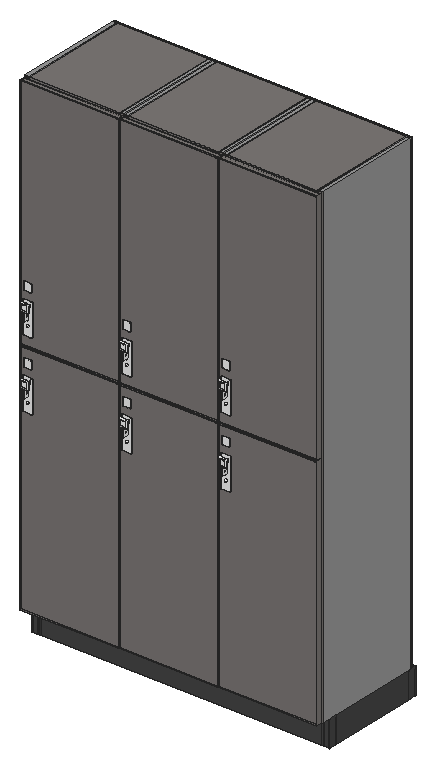
Revit family "Wood_Lockers_Hasps-Salsbury_Industries-15_42000_Series-3_Wide_Units.rfa", category Specialty Equipment, Revit 2016 (continued)
Definition of nested family "Premier Locker Doors_Hasp"
  Lines and regions (in)
    symbolic lines
      curve 35: arc (-7.0625, -1.125, 33.5625) -> (-7.02589, -1.125, 33.47411) -> (-6.9375, -1.125, 33.4375) r 0.125
      curve 36: line (-5.6875, -1.125, 33.4375) -> (-6.9375, -1.125, 33.4375)
      curve 37: arc (-6.1245, -1.125, 36.6245) -> (-6.3125, -1.125, 36.8125) -> (-6.5005, -1.125, 36.6245) r 0.188
      curve 38: arc (-6.5005, -1.125, 35.7505) -> (-6.3125, -1.125, 35.5625) -> (-6.1245, -1.125, 35.7505) r 0.188
      curve 39: line (-6.1245, -1.125, 36.6245) -> (-6.1245, -1.125, 35.7505)
      curve 40: line (-6.5005, -1.125, 35.7505) -> (-6.5005, -1.125, 36.6245)
      curve 41: line (-5.6875, -1.125, 36.9375) -> (-6.9375, -1.125, 36.9375)
      curve 42: line (-5.6875, -1.125, 38.1875) -> (-5.6875, -1.125, 36.9375)
      curve 43: line (-6.9375, -1.125, 36.9375) -> (-6.9375, -1.125, 38.1875)
      curve 44: line (-6.9375, -1.125, 38.1875) -> (-5.6875, -1.125, 38.1875)
      curve 45: line (-6.3755, -1.125, 36.6844) -> (-6.2495, -1.125, 36.6844)
      curve 46: line (-6.2495, -1.125, 36.6844) -> (-6.2495, -1.125, 35.6844)
      curve 47: line (-6.3755, -1.125, 35.6844) -> (-6.3755, -1.125, 36.6844)
      curve 48: line (-6.2495, -1.125, 35.6844) -> (-6.3755, -1.125, 35.6844)
      curve 49: line (-6.3125, -1, 36.6844) -> (-6.3125, -0.375, 36.6844)
      curve 50: line (-6.3125, -1, 35.6844) -> (-6.3125, -1, 36.6844)
      curve 51: line (-6.3125, -0.375, 35.6844) -> (-6.3125, -1, 35.6844)
      curve 52: arc (-6.3125, -0.91637, 36.1844) -> (-6.3125, -0.66637, 36.4344) -> (-6.3125, -0.41637, 36.1844) r 0.25
      curve 53: arc (-6.3125, -0.41637, 36.1844) -> (-6.3125, -0.66637, 35.9344) -> (-6.3125, -0.91637, 36.1844) r 0.25
      curve 54: line (-6.3125, -0.375, 37.31817) -> (-6.3125, -0.61642, 37.31817)
      curve 55: arc (-6.3125, -0.77297, 37.19215) -> (-6.3125, -0.71691, 37.28275) -> (-6.3125, -0.61642, 37.31817) r 0.16024
      curve 56: arc (-6.3125, -0.97289, 36.9375) -> (-6.3125, -0.84441, 37.04244) -> (-6.3125, -0.77297, 37.19215) r 0.37946
      curve 57: spline (-6.3125, -1.121, 37.15954) -> (-6.3125, -1.11621, 37.12873) -> (-6.3125, -1.10963, 37.09911) -> (-6.3125, -1.10135, 37.07107) -> (-6.3125, -1.09147, 37.04495) -> (-6.3125, -1.0801, 37.02108) -> (-6.3125, -1.0674, 36.99975) -> (-6.3125, -1.05352, 36.98123) -> (-6.3125, -1.03864, 36.96575) -> (-6.3125, -1.02293, 36.95351) -> (-6.3125, -1.0066, 36.94465) -> (-6.3125, -0.98985, 36.93929) -> (-6.3125, -0.97289, 36.9375)
      curve 58: line (-6.3125, -1.125, 37.15954) -> (-6.3125, -1.125, 37.96546)
      curve 59: spline (-6.3125, -1.121, 37.96546) -> (-6.3125, -1.11621, 37.99627) -> (-6.3125, -1.10963, 38.02589) -> (-6.3125, -1.10135, 38.05393) -> (-6.3125, -1.09147, 38.08005) -> (-6.3125, -1.0801, 38.10392) -> (-6.3125, -1.0674, 38.12525) -> (-6.3125, -1.05352, 38.14377) -> (-6.3125, -1.03864, 38.15925) -> (-6.3125, -1.02293, 38.17149) -> (-6.3125, -1.0066, 38.18035) -> (-6.3125, -0.98985, 38.18571) -> (-6.3125, -0.97289, 38.1875)
      curve 60: arc (-6.3125, -0.97289, 38.1875) -> (-6.3125, -0.84441, 38.08256) -> (-6.3125, -0.77297, 37.93285) r 0.37946
      curve 61: arc (-6.3125, -0.77297, 37.93285) -> (-6.3125, -0.71691, 37.84225) -> (-6.3125, -0.61642, 37.80683) r 0.16024
      curve 62: line (-6.3125, -0.61642, 37.80683) -> (-6.3125, -0.375, 37.80683)
      curve 63: line (-6.55683, -0.61642, 71.625) -> (-6.55683, -0.375, 71.625)
      curve 64: arc (-6.68285, -0.77297, 71.625) -> (-6.59225, -0.71691, 71.625) -> (-6.55683, -0.61642, 71.625) r 0.16024
      curve 65: arc (-6.9375, -0.97289, 71.625) -> (-6.83256, -0.84441, 71.625) -> (-6.68285, -0.77297, 71.625) r 0.37946
      curve 66: line (-5.90954, -1.125, 71.625) -> (-6.71546, -1.125, 71.625)
      curve 67: spline (-5.90954, -1.121, 71.625) -> (-5.87873, -1.11621, 71.625) -> (-5.84911, -1.10963, 71.625) -> (-5.82107, -1.10135, 71.625) -> (-5.79495, -1.09147, 71.625) -> (-5.77108, -1.0801, 71.625) -> (-5.74975, -1.0674, 71.625) -> (-5.73123, -1.05352, 71.625) -> (-5.71575, -1.03864, 71.625) -> (-5.70351, -1.02293, 71.625) -> (-5.69465, -1.0066, 71.625) -> (-5.68929, -0.98985, 71.625) -> (-5.6875, -0.97289, 71.625)
      curve 68: arc (-5.6875, -0.97289, 71.625) -> (-5.79244, -0.84441, 71.625) -> (-5.94215, -0.77297, 71.625) r 0.37946
      curve 69: arc (-5.94215, -0.77297, 71.625) -> (-6.03275, -0.71691, 71.625) -> (-6.06817, -0.61642, 71.625) r 0.16024
      curve 70: line (-6.06817, -0.375, 71.625) -> (-6.06817, -0.61642, 71.625)
      curve 71: spline (-6.71546, -1.121, 71.625) -> (-6.74627, -1.11621, 71.625) -> (-6.77589, -1.10963, 71.625) -> (-6.80393, -1.10135, 71.625) -> (-6.83005, -1.09147, 71.625) -> (-6.85392, -1.0801, 71.625) -> (-6.87525, -1.0674, 71.625) -> (-6.89377, -1.05352, 71.625) -> (-6.90925, -1.03864, 71.625) -> (-6.92149, -1.02293, 71.625) -> (-6.93035, -1.0066, 71.625) -> (-6.93571, -0.98985, 71.625) -> (-6.9375, -0.97289, 71.625)
    reference lines
      curve 72: line (-7.4375, 0, 71.75) -> (6.8435, 0, 71.75)
      curve 73: line (6.8435, 0, 71.75) -> (-7.4375, 0, 71.75)
  Dimensions and locks (in)
    equal spacing: plane 4 "Left Side of Door", plane 3 "Center (Left/Right)", plane 5 "Right Side of Door"
    "Width": plane 4 "Left Side of Door" to plane 5 "Right Side of Door"
    equal spacing: plane 7 "Front of Door", plane 1 "Center (Front/Back)", plane 6 "Back of Door"
    "Depth": plane 7 "Front of Door" to plane 6 "Back of Door"
    equal spacing: plane 9 "Top of Door", plane 10 "Center of Door", plane 8 "Bottom of Door"
    "Height": plane 9 "Top of Door" to plane 8 "Bottom of Door"
    equal spacing: plane 11 "Top of Number Tag", plane 16 "Center of Number Tag", plane 12 "Bottom of Number Tag"
    "Number Tag Height": plane 11 "Top of Number Tag" to plane 12 "Bottom of Number Tag"
    equal spacing: plane 14 "Right Side of Number Tag", plane 15 "Horizontal Center of Number Tag", plane 13 "Left Side of Number Tag"
    "Number Tag Width": plane 14 "Right Side of Number Tag" to plane 13 "Left Side of Number Tag"
    "Number Tag-Horizontal Offset": plane 15 "Horizontal Center of Number Tag" to plane 5 "Right Side of Door"
    "Number Tag-Vertical Offset": plane 9 "Top of Door" to plane 16 "Center of Number Tag"
    "Lock Horizontal Offset": plane 4 "Left Side of Door" to plane 17 "Left Side of Lock"
    equal spacing: plane 20 "Top of Lock", plane 19 "Lock Vertical Center", plane 21 "Bottom of Lock"
    "Lock Height": plane 20 "Top of Lock" to plane 21 "Bottom of Lock"
    "Lock Vertical Offset": plane 9 "Top of Door" to plane 19 "Lock Vertical Center"
    plane 22 "Front of Hasp Stud" to plane 7 "Front of Door" = 0.125"
    locked: plane 24 "Right Side of Door-Left Side of Trim" to plane 5 "Right Side of Door" at 0.125
    locked: plane 4 "Left Side of Door" to plane 23 "Left Side of Door-Right Side of Trim" at 0.125
    locked: plane 9 "Top of Door" to plane 25 "Top of Door-Bottom of Trim" at 0.125
    plane 26 "Bottom of Door-Top of Trim" to plane 8 "Bottom of Door" = 0.125"
    plane 28 "Melamine-Particleboard Line" to plane 6 "Back of Door" = 0.031"
    plane 7 "Front of Door" to plane 27 "Laminate-Particleboard Line" = 0.031"
    plane 27 "Laminate-Particleboard Line" to plane 29 "Back of Number Plate Inset" = 0.031"
    equal spacing: plane 18 "Right Side of Lock", plane 30 "Center of Lock", plane 17 "Left Side of Lock", locked at 0.75 each
    "Lock Width": plane 18 "Right Side of Lock" to plane 17 "Left Side of Lock"
    plane 22 "Front of Hasp Stud" to plane 31 = 0.312"
    plane 6 "Back of Door" to plane 32 "Door Stopper Plane" = 0.250"
    locked: plane 23 "Left Side of Door-Right Side of Trim" to plane 33 at 0.325
    locked: plane 25 "Top of Door-Bottom of Trim" to plane 34 at 0.325
    locked: plane 9 "Top of Door" to plane 35 "Top Hinge" at 3
    plane 36 to plane 5 "Right Side of Door" = 0.625"
    plane 6 "Back of Door" to plane 28 "Melamine-Particleboard Line" = 0.031"
    plane 9 "Top of Door" to plane 25 "Top of Door-Bottom of Trim" = 0.125"
    plane 7 "Front of Door" to plane 38 "Inner Knob" = 0.719"
    locked: plane 38 "Inner Knob" to plane 39 "Front of Knob" at 0.031
    locked: plane 40 to plane 20 "Top of Lock" at 1.125
    locked: plane 21 "Bottom of Lock" to plane 41 at 1.125
    locked: plane 20 "Top of Lock" to plane 42 at 0.125
    locked: plane 18 "Right Side of Lock" to plane 43 at 0.125
    locked: plane 44 to plane 17 "Left Side of Lock" at 0.125
    plane 42 to plane 45 = 1.250"
    locked: plane 45 to plane 46 "Top of Hole" at 0.125
    plane 48 to plane 30 "Center of Lock" to plane 47 = 0.188" locked, 0.188" locked
    locked: plane 46 "Top of Hole" to plane 49 "Bottom of Hole" at 1.25
    plane 49 "Bottom of Hole" to plane 50 "Stud Alignment" = 0.750"
    locked: plane 42 to plane 51 "Center of Handle" at 0.625
    plane 52 to plane 51 "Center of Handle" to plane 53 = 0.188" locked, 0.188" locked
    plane 7 "Front of Door" to plane 39 "Front of Knob" = 0.750"
    locked: plane 42 to plane 54 at 0.22204
    locked: plane 55 to plane 45 at 0.22204
    locked: plane 7 "Front of Door" to plane 56 "Front of Latch" at 0.625
    locked: plane 57 to plane 58 at 1
    locked: plane 46 "Top of Hole" to plane 57 at 0.1281
    equal spacing: plane 58, plane 59, plane 57
    locked: plane 60 to plane 5 "Right Side of Door" at 0.594
    locked: plane 57 to plane 61 at 0.0599
    locked: plane 62 to plane 58 at 0.06376
    plane 12 "Bottom of Number Tag" to plane 20 "Top of Lock" = 1.1875"
    aligned and locked: level to plane 2
    aligned and locked: Extrusion 5 to plane 11 "Top of Number Tag"
    aligned and locked: plane 12 "Bottom of Number Tag" to Extrusion 5
    aligned and locked: Extrusion 5 to plane 14 "Right Side of Number Tag"
    aligned and locked: Extrusion 5 to plane 13 "Left Side of Number Tag"
    aligned and locked: plane 29 "Back of Number Plate Inset" to Extrusion 5
    aligned and locked: plane 7 "Front of Door" to Extrusion 5
    aligned and locked: plane 29 "Back of Number Plate Inset" to Extrusion 6
    aligned and locked: plane 7 "Front of Door" to Extrusion 6
    aligned and locked: Extrusion 6 to plane 14 "Right Side of Number Tag"
    aligned and locked: Extrusion 6 to plane 13 "Left Side of Number Tag"
    aligned and locked: Extrusion 6 to plane 11 "Top of Number Tag"
    aligned and locked: plane 12 "Bottom of Number Tag" to Extrusion 6
    aligned and locked: curve 9 to Extrusion 8
    aligned and locked: curve 10 to Extrusion 8
    aligned and locked: curve 11 to Extrusion 8
    aligned and locked: Extrusion 7 to curve 12
    aligned and locked: curve 14 to Extrusion 7
    aligned and locked: curve 16 to plane 7 "Front of Door"
    aligned and locked: curve 19 to Extrusion 8  (x2)
    aligned and locked: curve 21 to Extrusion 8
    aligned and locked: curve 18 to curve 22
    aligned and locked: curve 22 to Extrusion 9  (x2)
    aligned and locked: curve 24 to Extrusion 9
    aligned and locked: curve 25 to Extrusion 10
    aligned and locked: curve 26 to Extrusion 10
    aligned and locked: curve 27 to Extrusion 10
    aligned and locked: plane 20 "Top of Lock" to Extrusion 11 sketch curve
    aligned and locked: Extrusion 11 sketch curve to plane 21 "Bottom of Lock"
    aligned and locked: Extrusion 11 to plane 29 "Back of Number Plate Inset"
    aligned and locked: plane 7 "Front of Door" to Extrusion 11
    aligned and locked: Extrusion 3 to Extrusion 11
    aligned and locked: Sweep 14 to plane 50 "Stud Alignment"  (x2)
    aligned and locked: Extrusion 15 to plane 7 "Front of Door"
    aligned and locked: Extrusion 15 to plane 22 "Front of Hasp Stud"
    aligned and locked: Extrusion 15 to plane 50 "Stud Alignment"
    aligned and locked: Blend 17 to plane 39 "Front of Knob"
    aligned and locked: plane 38 "Inner Knob" to Blend 17
    aligned and locked: plane 6 "Back of Door" to Extrusion 18 sketch curve
    aligned and locked: plane 56 "Front of Latch" to Extrusion 18 sketch curve
    aligned and locked: Extrusion 18 to plane 57
    aligned and locked: plane 58 to Extrusion 18
    aligned and locked: plane 59 to cut or joined group of Extrusion 18, Extrusion 19
    aligned and locked: Extrusion 13 sketch curve to plane 61  (x2)
    aligned and locked: Extrusion 13 sketch curve to plane 62  (x2)
  Automatic sketch dimensions
    Extrusion 1 sketch curve to plane 4 "Left Side of Door" = 0.031"
    plane 5 "Right Side of Door" to Extrusion 1 sketch curve = 0.031"
    level to Extrusion 1 sketch curve = 0.031"
    plane 9 "Top of Door" to Extrusion 1 sketch curve = 0.031"
    Extrusion 2 sketch curve to plane 4 "Left Side of Door" = 0.031"
    plane 5 "Right Side of Door" to Extrusion 2 sketch curve = 0.031"
    level to Extrusion 2 sketch curve = 0.031"
    plane 9 "Top of Door" to Extrusion 2 sketch curve = 0.031"
    Extrusion 3 sketch curve to plane 4 "Left Side of Door" = 0.031"
    plane 5 "Right Side of Door" to Extrusion 3 sketch curve = 0.031"
    level to Extrusion 3 sketch curve = 0.031"
    plane 9 "Top of Door" to Extrusion 3 sketch curve = 0.031"
    plane 23 "Left Side of Door-Right Side of Trim" to Sweep 4 sketch curve = 0.000"
    plane 24 "Right Side of Door-Left Side of Trim" to Sweep 4 sketch curve = 0.000"  (x2)
    Sweep 4 sketch curve to plane 26 "Bottom of Door-Top of Trim" = 0.000"
    Sweep 4 sketch curve to plane 25 "Top of Door-Bottom of Trim" = 0.000"
    profile plane to Sweep 4 sketch curve = 0.125"
    Sweep 4 sketch curve to Sweep 4 sketch curve = 0.031"
    Sweep 4 sketch curve to plane 1 "Center (Front/Back)" = 0.375"
    plane 1 "Center (Front/Back)" to Sweep 4 sketch curve = 0.375"
    Extrusion 7 sketch curve to plane 33 = 0.000"
    Extrusion 7 sketch curve to plane 34 = 0.000"
    plane 36 to Extrusion 8 sketch curve = 0.000"
    Extrusion 8 sketch curve to Extrusion 8 sketch curve = 0.500"
    plane 35 "Top Hinge" to Extrusion 8 sketch curve = 0.250"
    Extrusion 8 sketch curve to plane 35 "Top Hinge" = 0.250"
    plane 36 to Extrusion 9 sketch curve = 0.000"
    Extrusion 9 sketch curve to Extrusion 9 sketch curve = 0.500"
    plane 37 "Bottom Hinge" to Extrusion 9 sketch curve = 0.250"
    Extrusion 9 sketch curve to plane 37 "Bottom Hinge" = 0.250"
    plane 36 to Extrusion 10 sketch curve = 0.000"
    Extrusion 10 sketch curve to Extrusion 10 sketch curve = 0.500"
    curve 4 to level = 0.000"
    plane 4 "Left Side of Door" to curve 4 = 0.000"
    plane 5 "Right Side of Door" to curve 3 = 0.000"
    curve 3 to plane 9 "Top of Door" = 0.000"
    Extrusion 5 sketch curve to plane 13 "Left Side of Number Tag" = 0.000"
    Extrusion 5 sketch curve to plane 12 "Bottom of Number Tag" = 0.000"
    Extrusion 5 sketch curve to plane 11 "Top of Number Tag" = 0.000"
    Extrusion 5 sketch curve to plane 14 "Right Side of Number Tag" = 0.000"
    Extrusion 6 sketch curve to plane 13 "Left Side of Number Tag" = 0.000"
    Extrusion 6 sketch curve to plane 12 "Bottom of Number Tag" = 0.000"
    Extrusion 6 sketch curve to plane 11 "Top of Number Tag" = 0.000"
    Extrusion 6 sketch curve to plane 14 "Right Side of Number Tag" = 0.000"
    Extrusion 11 sketch curve to plane 13 "Left Side of Number Tag" = 0.125"
    Extrusion 10 sketch curve to plane 10 "Center of Door" = 0.250"
    plane 10 "Center of Door" to Extrusion 10 sketch curve = 0.250"
    Extrusion 11 sketch curve to plane 21 "Bottom of Lock" = 0.125"
    plane 13 "Left Side of Number Tag" to Extrusion 5 sketch curve = 0.14916"
    Extrusion 5 sketch curve to Extrusion 5 sketch curve = 0.14916"  (x2)
    plane 13 "Left Side of Number Tag" to Extrusion 6 sketch curve = 0.14916"
    Extrusion 6 sketch curve to plane 12 "Bottom of Number Tag" = 0.14916"
    plane 13 "Left Side of Number Tag" to Extrusion 11 sketch curve = 0.000"  (x2)
    Extrusion 5 sketch curve to plane 12 "Bottom of Number Tag" = 0.14916"
    Extrusion 6 sketch curve to plane 14 "Right Side of Number Tag" = 0.14916"  (x2)
    plane 14 "Right Side of Number Tag" to Extrusion 11 sketch curve = 0.000"  (x2)
    Extrusion 12 sketch curve to plane 17 "Left Side of Lock" = 0.000"
    plane 13 "Left Side of Number Tag" to Extrusion 12 sketch curve = 0.000"  (x2)
    plane 14 "Right Side of Number Tag" to Extrusion 12 sketch curve = 0.000"  (x2)
    Extrusion 12 sketch curve to plane 20 "Top of Lock" = 0.000"
    Extrusion 12 sketch curve to plane 18 "Right Side of Lock" = 0.000"
    Extrusion 12 sketch curve to plane 21 "Bottom of Lock" = 0.125"
    plane 15 "Horizontal Center of Number Tag" to Sweep 14 sketch curve = 0.000"
    Sweep 14 sketch curve to plane 50 "Stud Alignment" = 0.000"
    Sweep 14 sketch curve to plane 7 "Front of Door" = 0.000"
    Sweep 14 sketch curve to profile plane = 0.000"
    profile plane to Sweep 14 sketch curve = 0.00168"
    profile plane to Sweep 14 sketch curve = 0.156"
    Sweep 14 sketch curve to plane 7 "Front of Door" = 0.03275"
    Extrusion 15 sketch curve to Extrusion 15 sketch curve = 0.000"  (x2)
    Extrusion 15 sketch curve to plane 50 "Stud Alignment" = 0.000"
    plane 15 "Horizontal Center of Number Tag" to Extrusion 15 sketch curve = 0.000"
    plane 15 "Horizontal Center of Number Tag" to Extrusion 15 sketch curve = 0.010"
    plane 13 "Left Side of Number Tag" to Sweep 16 sketch curve = 0.000"
    plane 14 "Right Side of Number Tag" to Sweep 16 sketch curve = 0.000"
    Sweep 16 sketch curve to plane 45 = 0.000"
    Sweep 16 sketch curve to plane 42 = 0.000"
    Sweep 16 sketch curve to plane 7 "Front of Door" = 0.000"
    profile plane to Sweep 16 sketch curve = 0.000"
    profile plane to Sweep 16 sketch curve = 0.22043"
    Sweep 16 sketch curve to Sweep 16 sketch curve = 0.01681"
    profile plane to Sweep 16 sketch curve = 0.33926"
    Sweep 16 sketch curve to Sweep 16 sketch curve = 0.14344"
    Sweep 16 sketch curve to Sweep 16 sketch curve = 0.15329"
    Sweep 16 sketch curve to Sweep 16 sketch curve = 0.59563"
    Sweep 16 sketch curve to Sweep 16 sketch curve = 0.24142"
    Sweep 16 sketch curve to Sweep 16 sketch curve = 0.00858"
    Sweep 16 sketch curve to Sweep 16 sketch curve = 0.51788"
    Sweep 16 sketch curve to Sweep 16 sketch curve = 0.31119"
    Sweep 16 sketch curve to Sweep 16 sketch curve = 0.11721"
    Sweep 16 sketch curve to Sweep 16 sketch curve = 0.01742"
    Sweep 16 sketch curve to Sweep 16 sketch curve = 0.06553"
    Sweep 16 sketch curve to Sweep 16 sketch curve = 0.000"
    Blend 17 sketch curve to plane 54 = 0.000"
    Blend 17 sketch curve to plane 55 = 0.000"
    Blend 17 sketch curve to plane 47 = 0.21496"
    plane 48 to Blend 17 sketch curve = 0.21496"
    plane 54 to Blend 17 sketch curve = 0.03267"
    Blend 17 sketch curve to plane 40 = 0.00461"
    Blend 17 sketch curve to plane 47 = 0.18235"
    plane 48 to Blend 17 sketch curve = 0.18227"
    Extrusion 18 sketch curve to plane 57 = 0.000"
    Extrusion 18 sketch curve to plane 58 = 0.000"
    plane 59 to Extrusion 19 sketch curve = 0.000"
    Extrusion 19 sketch curve to plane 22 "Front of Hasp Stud" = 0.16637"
    curve 29 to plane 14 "Right Side of Number Tag" = 0.000"
    curve 29 to plane 20 "Top of Lock" = 0.000"
    curve 30 to plane 18 "Right Side of Lock" = 0.000"
    curve 29 to plane 13 "Left Side of Number Tag" = 0.000"
    curve 31 to plane 42 = 0.000"
    curve 32 to plane 21 "Bottom of Lock" = 0.125"
    curve 34 to plane 14 "Right Side of Number Tag" = 0.000"
    curve 35 to plane 13 "Left Side of Number Tag" = 0.000"
    plane 15 "Horizontal Center of Number Tag" to curve 37 = 0.000"
    plane 47 to curve 37 = 0.000"
    plane 57 to curve 37 = 0.0599"
    curve 39 to plane 58 = 0.0661"
    curve 42 to plane 14 "Right Side of Number Tag" = 0.000"
    curve 41 to plane 13 "Left Side of Number Tag" = 0.000"
    curve 41 to plane 45 = 0.000"
    curve 43 to plane 42 = 0.000"
    curve 46 to plane 57 = 0.000"
    curve 46 to plane 15 "Horizontal Center of Number Tag" = 0.063"
    plane 15 "Horizontal Center of Number Tag" to curve 45 = 0.063"
    curve 47 to plane 58 = 0.000"
    curve 15 to plane 6 "Back of Door" = 0.000"
    plane 9 "Top of Door" to curve 15 = 0.000"
    plane 57 to curve 49 = 0.000"
    curve 51 to plane 56 "Front of Latch" = 0.000"
    plane 58 to curve 51 = 0.000"
    curve 17 to level = 0.000"
    plane 59 to curve 52 = 0.000"
    curve 53 to plane 22 "Front of Hasp Stud" = 0.16637"
    plane 7 "Front of Door" to curve 53 = 0.04137"
    plane 53 to curve 54 = 0.05633"
    curve 54 to plane 22 "Front of Hasp Stud" = 0.11642"
    plane 55 to curve 55 = 0.00161"
    curve 55 to plane 40 = 0.00465"
    plane 45 to curve 56 = 0.000"
    curve 56 to plane 39 "Front of Knob" = 0.01788"
    curve 56 to plane 40 = 0.08926"
    plane 55 to curve 57 = 0.000"
    curve 57 to plane 40 = 0.03757"
    plane 39 "Front of Knob" to curve 57 = 0.004"
    plane 42 to curve 60 = 0.000"
    curve 58 to plane 39 "Front of Knob" = 0.000"
    plane 54 to curve 58 = 0.000"
    plane 54 to curve 59 = 0.000"
    plane 55 to curve 58 = 0.000"
    curve 60 to plane 39 "Front of Knob" = 0.01788"
    curve 60 to plane 52 = 0.09774"
    plane 54 to curve 60 = 0.03261"
    plane 56 "Front of Latch" to curve 59 = 0.02711"
    plane 54 to curve 59 = 0.06553"
    plane 39 "Front of Knob" to curve 59 = 0.004"
    curve 61 to plane 54 = 0.00161"
    curve 61 to plane 22 "Front of Hasp Stud" = 0.11642"
    plane 6 "Back of Door" to curve 9 = 0.000"
    curve 6 to plane 4 "Left Side of Door" = 0.000"
    plane 7 "Front of Door" to curve 6 = 0.000"
    plane 7 "Front of Door" to curve 28 = 0.000"
    curve 67 to plane 14 "Right Side of Number Tag" = 0.000"
    curve 65 to plane 13 "Left Side of Number Tag" = 0.000"
    curve 66 to plane 39 "Front of Knob" = 0.000"
    curve 28 to plane 17 "Left Side of Lock" = 0.000"
    curve 28 to plane 18 "Right Side of Lock" = 0.000"
    curve 8 to plane 5 "Right Side of Door" = 0.000"
    curve 64 to plane 22 "Front of Hasp Stud" = 0.11642"
    curve 69 to plane 22 "Front of Hasp Stud" = 0.11642"
    curve 68 to plane 39 "Front of Knob" = 0.01788"
    curve 65 to plane 39 "Front of Knob" = 0.01788"
    curve 14 to plane 23 "Left Side of Door-Right Side of Trim" = 0.07537"
    plane 48 to curve 64 = 0.21657"
    plane 48 to curve 65 = 0.09774"
    plane 48 to curve 63 = 0.05633"
    curve 70 to plane 47 = 0.05633"
    curve 68 to plane 47 = 0.09774"
    curve 69 to curve 69 = 0.16024"
    curve 64 to curve 65 = 0.15655"
    curve 69 to curve 68 = 0.15655"
    plane 39 "Front of Knob" to curve 67 = 0.004"
    plane 33 to curve 14 = 0.250"
    curve 66 to curve 65 = 0.11721"
    curve 67 to plane 47 = 0.14943"
    curve 68 to curve 66 = 0.11721"
    curve 67 to curve 66 = 0.000"
    plane 39 "Front of Knob" to curve 71 = 0.004"
    curve 71 to curve 66 = 0.000"
    plane 48 to curve 71 = 0.14943"
    plane 1 "Center (Front/Back)" to curve 73 = 0.000"
    curve 73 to plane 4 "Left Side of Door" = 0.000"
    curve 73 to plane 60 = 0.000"
    plane 48 to Extrusion 13 sketch curve = 0.000"
    plane 15 "Horizontal Center of Number Tag" to Extrusion 13 sketch curve = 0.000"
    radius of Extrusion 7 sketch curve = 0.250"
    radius of Sweep 14 sketch curve = 0.010"
    radius of Extrusion 19 sketch curve = 0.250"
Definition of nested family "Wood Locker Bases"
  Parameters (values of type "Base - 12" W x 15" D Lockers")
    Width = 12.000"
    Visible Base = yes
    Visible = no
    Model = "Base - 12\" W x 15\" D Lockers"
    Manufacturer = "Salsbury Industries"
    Height = 4.000"
    Depth = 13.250"
    Base Secondary Material = none
    Base Primary Materials = none
    Base Hardware = none
  Types (14): name | Width | Visible Base | Visible | Model | Depth
    (no name) | 12.000" | yes | no | "Base - 12\" W x 15\" D Lockers" | 13.250"
    Base - 12" W x 15" D Lockers | 12.000" | yes | no | "Base - 12\" W x 15\" D Lockers" | 13.250"
    Base - 12" W x 18" D Lockers | 12.000" | yes | no | "Base - 12\" W x 18\" D Lockers" | 16.250"
    Base - 12" W x 21" D Lockers | 12.000" | yes | no | "Base - 12\" W x 21\" D Lockers" | 19.250"
    Base - 36" W x 15" D Lockers | 36.000" | yes | yes | "Base - 36\" W x 15\" D Lockers" | 13.250"
    Base - 36" W x 18" D Lockers | 36.000" | yes | yes | "Base - 36\" W x 18\" D Lockers" | 16.250"
    Base - 36" W x 21" D Lockers | 36.000" | yes | yes | "Base - 36\" W x 21\" D Lockers" | 19.250"
    Base - 15" W x 18" D Lockers | 15.000" | yes | no | "Base - 15\" W x 18\" D Lockers" | 16.250"
    Base - 15" W x 21" D Lockers | 15.000" | yes | no | "Base - 15\" W x 21\" D Lockers" | 19.250"
    Base - 15" W x 24" D Lockers | 15.000" | yes | no | "Base - 15\" W x 24\" D Lockers" | 22.250"
    Base - 45" W x 18" D Lockers | 45.000" | yes | yes | "Base - 45\" W x 18\" D Lockers" | 16.250"
    Base - 45" W x 21" D Lockers | 45.000" | yes | yes | "Base - 45\" W x 21\" D Lockers" | 19.250"
    Base - 45" W x 24" D Lockers | 45.000" | yes | yes | "Base - 45\" W x 24\" D Lockers" | 22.250"
    None | 12.000" | no | no | "Base - 12\" W x 15\" D Lockers" | 13.250"
  Reference planes (in)
    plane 1 "Center (Front/Back)": y = 0
    plane 2: z = 0
    plane 3 "Center (Left/Right)": x = 0
    plane 4 "Left Edge": x = -6
    plane 5 "Right Edge": x = 6
    plane 6 "Back Edge": y = 6.625
    plane 7 "Front Edge": y = -6.625
    plane 8 "Bottom Edge": z = 0
    plane 9 "Top Edge": z = 4
    plane 10: x = -4.75
    plane 11: x = -4.102
    plane 12: y = 6.562
    plane 13: y = 5.8
    plane 14: x = -5.131
    plane 15: x = -5.256
    plane 16: x = -5.937
    plane 17: x = -5.175
    plane 18: y = 4.727
    plane 19: y = 5.375
    plane 20: y = 5.756
    plane 21: y = 5.881
    plane 22: x = -5.931
    plane 23: x = 5.931
    plane 24: y = 6.556
    plane 25: y = -6.556
    plane 26: y = 6.525
    plane 27: y = -6.525
    plane 28: x = -5.9
    plane 29: x = 5.9
    plane 30: x = -2.375
    plane 31: x = 2.375
  Forms (in)
    Extrusion 1, solid, material <- "Base Hardware", visible <- "Visible Base"
      sketch origin (0, 0, 0) x (1, 0, 0) y (0, 1, 0)
        loop
          arc (-5.96712, 6.625) -> (-5.99098, 6.61598) -> (-6, 6.59212) r 0.031
          line (-6, 6.59212) -> (-6, 5.4065)
          arc (-6, 5.4065) -> (-5.9685, 5.375) -> (-5.937, 5.4065) r 0.0315
          line (-5.937, 5.4065) -> (-5.937, 5.756) -> (-5.837, 5.756) -> (-5.837, 5.819) -> (-5.937, 5.819) -> (-5.937, 6.51465) -> (-5.256, 5.83365) -> (-5.256, 5.756) -> (-5.175, 5.756) -> (-5.175, 4.75833)
          arc (-5.175, 4.75833) -> (-5.14367, 4.727) -> (-5.11235, 4.75833) r 0.03133
          line (-5.11235, 4.75833) -> (-5.11235, 5.73703) -> (-4.13348, 5.73703)
          arc (-4.13348, 5.73703) -> (-4.102, 5.76852) -> (-4.13348, 5.8) r 0.03148
          line (-4.13348, 5.8) -> (-5.131, 5.8) -> (-5.131, 5.881) -> (-5.21422, 5.881) -> (-5.89522, 6.562) -> (-5.194, 6.562) -> (-5.194, 6.462) -> (-5.131, 6.462) -> (-5.131, 6.562) -> (-4.7814, 6.562)
          arc (-4.7814, 6.562) -> (-4.7499, 6.5935) -> (-4.7814, 6.625) r 0.0315
          line (-4.7814, 6.625) -> (-5.96712, 6.625)
      from 0 to 4
    Extrusion 2, solid, material <- "Base Hardware", visible <- "Visible Base"
      sketch origin (0, 0, 0) x (-1, 0, 0) y (0, -1, 0)
        loop
          line (-5.96712, -6.625) -> (-4.7814, -6.625)
          arc (-4.7814, -6.625) -> (-4.7499, -6.5935) -> (-4.7814, -6.562) r 0.0315
          line (-4.7814, -6.562) -> (-5.131, -6.562) -> (-5.131, -6.462) -> (-5.194, -6.462) -> (-5.194, -6.562) -> (-5.89522, -6.562) -> (-5.21422, -5.881) -> (-5.131, -5.881) -> (-5.131, -5.8) -> (-4.13348, -5.8)
          arc (-4.13348, -5.8) -> (-4.102, -5.76852) -> (-4.13348, -5.73703) r 0.03148
          line (-4.13348, -5.73703) -> (-5.11235, -5.73703) -> (-5.11235, -4.75833)
          arc (-5.11235, -4.75833) -> (-5.14367, -4.727) -> (-5.175, -4.75833) r 0.03133
          line (-5.175, -4.75833) -> (-5.175, -5.756) -> (-5.256, -5.756) -> (-5.256, -5.83365) -> (-5.937, -6.51465) -> (-5.937, -5.819) -> (-5.837, -5.819) -> (-5.837, -5.756) -> (-5.937, -5.756) -> (-5.937, -5.4065)
          arc (-5.937, -5.4065) -> (-5.9685, -5.375) -> (-6, -5.4065) r 0.0315
          line (-6, -5.4065) -> (-6, -6.59212)
          arc (-6, -6.59212) -> (-5.99098, -6.61598) -> (-5.96712, -6.625) r 0.031
      from 0 to 4
    Extrusion 3, solid, material <- "Base Hardware", visible <- "Visible Base"
      sketch origin (0, 0, 0) x (1, 0, 0) y (0, 1, 0)
        loop
          line (-5.96712, -6.625) -> (-4.7814, -6.625)
          arc (-4.7814, -6.625) -> (-4.7499, -6.5935) -> (-4.7814, -6.562) r 0.0315
          line (-4.7814, -6.562) -> (-5.131, -6.562) -> (-5.131, -6.462) -> (-5.194, -6.462) -> (-5.194, -6.562) -> (-5.89522, -6.562) -> (-5.21422, -5.881) -> (-5.131, -5.881) -> (-5.131, -5.8) -> (-4.13348, -5.8)
          arc (-4.13348, -5.8) -> (-4.102, -5.76852) -> (-4.13348, -5.73703) r 0.03148
          line (-4.13348, -5.73703) -> (-5.11235, -5.73703) -> (-5.11235, -4.75833)
          arc (-5.11235, -4.75833) -> (-5.14367, -4.727) -> (-5.175, -4.75833) r 0.03133
          line (-5.175, -4.75833) -> (-5.175, -5.756) -> (-5.256, -5.756) -> (-5.256, -5.83365) -> (-5.937, -6.51465) -> (-5.937, -5.819) -> (-5.837, -5.819) -> (-5.837, -5.756) -> (-5.937, -5.756) -> (-5.937, -5.4065)
          arc (-5.937, -5.4065) -> (-5.9685, -5.375) -> (-6, -5.4065) r 0.0315
          line (-6, -5.4065) -> (-6, -6.59212)
          arc (-6, -6.59212) -> (-5.99098, -6.61598) -> (-5.96712, -6.625) r 0.031
      from 0 to 4
    Extrusion 4, solid, material <- "Base Hardware", visible <- "Visible Base"
      sketch origin (0, 0, 0) x (-1, 0, 0) y (0, -1, 0)
        loop
          arc (-5.96712, 6.625) -> (-5.99098, 6.61598) -> (-6, 6.59212) r 0.031
          line (-6, 6.59212) -> (-6, 5.4065)
          arc (-6, 5.4065) -> (-5.9685, 5.375) -> (-5.937, 5.4065) r 0.0315
          line (-5.937, 5.4065) -> (-5.937, 5.756) -> (-5.837, 5.756) -> (-5.837, 5.819) -> (-5.937, 5.819) -> (-5.937, 6.51465) -> (-5.256, 5.83365) -> (-5.256, 5.756) -> (-5.175, 5.756) -> (-5.175, 4.75833)
          arc (-5.175, 4.75833) -> (-5.14367, 4.727) -> (-5.11235, 4.75833) r 0.03133
          line (-5.11235, 4.75833) -> (-5.11235, 5.73703) -> (-4.13348, 5.73703)
          arc (-4.13348, 5.73703) -> (-4.102, 5.76852) -> (-4.13348, 5.8) r 0.03148
          line (-4.13348, 5.8) -> (-5.131, 5.8) -> (-5.131, 5.881) -> (-5.21422, 5.881) -> (-5.89522, 6.562) -> (-5.194, 6.562) -> (-5.194, 6.462) -> (-5.131, 6.462) -> (-5.131, 6.562) -> (-4.7814, 6.562)
          arc (-4.7814, 6.562) -> (-4.7499, 6.5935) -> (-4.7814, 6.625) r 0.0315
          line (-4.7814, 6.625) -> (-5.96712, 6.625)
      from 0 to 4
    Extrusion 5, solid, material <- "Base Secondary Material", visible <- "Visible Base"
      sketch origin (0, 0, 0) x (0, -1, 0) y (1, 0, 0)
        loop
          line (-5.756, 5.9) -> (-5.756, 5.181) -> (5.75697, 5.181) -> (5.75697, 5.9) -> (-5.756, 5.9)
      from 0 to 4
    Extrusion 6, solid, material <- "Base Secondary Material", visible <- "Visible Base"
      sketch origin (0, 0, 0) x (0, -1, 0) y (1, 0, 0)
        loop
          line (-5.756, -5.9) -> (5.75697, -5.9) -> (5.75697, -5.181) -> (-5.756, -5.181) -> (-5.756, -5.9)
      from 0 to 4
    Extrusion 7, solid, material <- "Base Secondary Material", visible <- "Visible Base"
      sketch origin (-2.05521, 0.625, 0) x (1, 0, 0) y (0, 1, 0)
        loop
          line (-3.07579, 5.9) -> (-3.07579, 5.181) -> (7.18621, 5.181) -> (7.18621, 5.9) -> (-3.07579, 5.9)
      from 0 to 4
    Extrusion 8, solid, material <- "Base Secondary Material", visible <- "Visible Base"
      sketch origin (-2.05521, -0.625, 0) x (1, 0, 0) y (0, 1, 0)
        loop
          line (-3.07579, -5.9) -> (7.18621, -5.9) -> (7.18621, -5.181) -> (-3.07579, -5.181) -> (-3.07579, -5.9)
      from 0 to 4
    Extrusion 9, solid, material <- "Base Primary Materials", visible <- "Visible Base"
      sketch origin (0.76452, 0, 0) x (0, -1, 0) y (1, 0, 0)
        loop
          line (-5.756, 5.16648) -> (-5.756, 5.13548) -> (5.75697, 5.13548) -> (5.75697, 5.16648) -> (-5.756, 5.16648)
      from 0 to 4
    Extrusion 10, solid, material <- "Base Primary Materials", visible <- "Visible Base"
      sketch origin (-0.719, 0, 0) x (0, -1, 0) y (1, 0, 0)
        loop
          line (-5.756, -5.212) -> (5.75697, -5.212) -> (5.75697, -5.181) -> (-5.756, -5.181) -> (-5.756, -5.212)
      from 0 to 4
    Extrusion 11, solid, material <- "Base Primary Materials", visible <- "Visible Base"
      sketch origin (-2.05521, 1.344, 0) x (1, 0, 0) y (0, 1, 0)
        loop
          line (-3.07579, 5.218) -> (-3.07579, 5.181) -> (7.18621, 5.181) -> (7.18621, 5.218) -> (-3.07579, 5.218)
      from 0 to 4
    Extrusion 12, solid, material <- "Base Primary Materials", visible <- "Visible Base"
      sketch origin (-2.05521, -1.344, 0) x (1, 0, 0) y (0, 1, 0)
        loop
          line (-3.07579, -5.212) -> (7.18621, -5.212) -> (7.18621, -5.181) -> (-3.07579, -5.181) -> (-3.07579, -5.212)
      from 0 to 4
    Extrusion 13, solid, material <- "Base Secondary Material", visible <- "Visible"
      sketch origin (0, 0, 4) x (0, -1, 0) y (1, 0, 0)
        loop
          line (-5.806, -2.375) -> (5.806, -2.375) -> (5.806, 2.375) -> (-5.806, 2.375) -> (-5.806, -2.375)
      from 0 to -0.75
    Extrusion 14, solid, material <- "Base Secondary Material", visible <- "Visible"
      sketch origin (0, 0, 0) x (0, -1, 0) y (1, 0, 0)
        loop
          line (-5.806, -2.375) -> (-5.056, -2.375) -> (-5.056, 2.375) -> (-5.806, 2.375) -> (-5.806, -2.375)
      from 0 to 3.25
    Extrusion 15, solid, material <- "Base Secondary Material", visible <- "Visible"
      sketch origin (0, 0, 0) x (0, 1, 0) y (-1, 0, 0)
        loop
          line (-5.806, 2.375) -> (-5.806, -2.375) -> (-5.056, -2.375) -> (-5.056, 2.375) -> (-5.806, 2.375)
      from 0 to 3.25
  Dimensions and locks (in)
    equal spacing: plane 4 "Left Edge", plane 3 "Center (Left/Right)", plane 5 "Right Edge"
    "Width": plane 4 "Left Edge" to plane 5 "Right Edge"
    equal spacing: plane 7 "Front Edge", plane 1 "Center (Front/Back)", plane 6 "Back Edge"
    "Depth": plane 7 "Front Edge" to plane 6 "Back Edge"
    "Height": plane 9 "Top Edge" to plane 8 "Bottom Edge"
    locked: plane 4 "Left Edge" to plane 10 at 1.25
    locked: plane 4 "Left Edge" to plane 11 at 1.898
    locked: plane 12 to plane 6 "Back Edge" at 0.063
    plane 14 to plane 10 = 0.381"
    locked: plane 12 to plane 13 at 0.762
    locked: plane 4 "Left Edge" to plane 16 at 0.063
    locked: plane 16 to plane 17 at 0.762
    locked: plane 19 to plane 6 "Back Edge" at 1.25
    locked: plane 18 to plane 6 "Back Edge" at 1.898
    plane 15 to plane 17 = 0.081"
    plane 21 to plane 13 = 0.081"
    plane 19 to plane 20 = 0.381"
    plane 24 to plane 6 "Back Edge" = 0.069"
    plane 7 "Front Edge" to plane 25 = 0.069"
    plane 23 to plane 5 "Right Edge" = 0.069"
    plane 4 "Left Edge" to plane 22 = 0.069"
    plane 26 to plane 24 = 0.031"
    plane 25 to plane 27 = 0.031"
    plane 22 to plane 28 = 0.031"
    plane 29 to plane 23 = 0.031"
    plane 30 to plane 3 "Center (Left/Right)" to plane 31 = 2.375" locked, 2.375" locked
    aligned and locked: level to plane 2
    aligned and locked: plane 30 to Extrusion 13
    aligned and locked: plane 30 to Extrusion 14
    aligned and locked: plane 30 to Extrusion 15
    aligned and locked: Extrusion 13 to plane 31
    aligned and locked: Extrusion 14 to plane 31
    aligned and locked: Extrusion 15 to plane 31
  Automatic sketch dimensions
    Extrusion 1 sketch curve to plane 4 "Left Edge" = 0.000"
    plane 6 "Back Edge" to Extrusion 1 sketch curve = 0.000"
    Extrusion 1 sketch curve to plane 16 = 0.000"  (x2)
    Extrusion 1 sketch curve to plane 12 = 0.000"  (x2)
    plane 20 to Extrusion 1 sketch curve = 0.000"  (x2)
    Extrusion 1 sketch curve to plane 15 = 0.000"
    plane 21 to Extrusion 1 sketch curve = 0.000"
    Extrusion 1 sketch curve to plane 17 = 0.000"
    Extrusion 1 sketch curve to plane 14 = 0.000"  (x2)
    Extrusion 1 sketch curve to plane 13 = 0.000"
    Extrusion 1 sketch curve to plane 4 "Left Edge" = 0.03094"
    plane 16 to Extrusion 1 sketch curve = 0.03012"
    Extrusion 1 sketch curve to plane 28 = 0.00478"
    Extrusion 1 sketch curve to plane 28 = 0.063"
    plane 17 to Extrusion 1 sketch curve = 0.03922"
    plane 17 to Extrusion 1 sketch curve = 0.019"
    plane 14 to Extrusion 1 sketch curve = 0.01267"
    plane 10 to Extrusion 1 sketch curve = 0.0314"
    plane 11 to Extrusion 1 sketch curve = 0.03148"
    plane 20 to Extrusion 1 sketch curve = 0.01897"
    Extrusion 1 sketch curve to plane 19 = 0.0315"
    Extrusion 1 sketch curve to plane 18 = 0.03133"
    plane 13 to Extrusion 1 sketch curve = 0.019"
    plane 13 to Extrusion 1 sketch curve = 0.03365"
    plane 26 to Extrusion 1 sketch curve = 0.063"
    plane 26 to Extrusion 1 sketch curve = 0.01035"
    plane 12 to Extrusion 1 sketch curve = 0.03012"
    Extrusion 2 sketch curve to plane 5 "Right Edge" = 0.000"
    plane 6 "Back Edge" to Extrusion 2 sketch curve = 0.000"
    plane 20 to Extrusion 2 sketch curve = 0.000"  (x2)
    plane 12 to Extrusion 2 sketch curve = 0.000"  (x2)
    plane 21 to Extrusion 2 sketch curve = 0.000"
    plane 13 to Extrusion 2 sketch curve = 0.000"
    Extrusion 2 sketch curve to plane 5 "Right Edge" = 0.03094"
    Extrusion 2 sketch curve to Extrusion 2 sketch curve = 0.0315"
    Extrusion 2 sketch curve to Extrusion 2 sketch curve = 0.00194"
    plane 23 to Extrusion 2 sketch curve = 0.006"
    Extrusion 2 sketch curve to plane 29 = 0.00478"
    Extrusion 2 sketch curve to plane 29 = 0.063"
    Extrusion 2 sketch curve to plane 13 = 0.03365"
    Extrusion 2 sketch curve to Extrusion 2 sketch curve = 0.581"
    Extrusion 2 sketch curve to Extrusion 2 sketch curve = 0.04178"
    Extrusion 2 sketch curve to plane 26 = 0.063"
    Extrusion 2 sketch curve to Extrusion 2 sketch curve = 0.02022"
    plane 18 to Extrusion 2 sketch curve = 0.03133"
    Extrusion 2 sketch curve to plane 29 = 0.725"
    Extrusion 2 sketch curve to Extrusion 2 sketch curve = 0.03133"
    Extrusion 2 sketch curve to Extrusion 2 sketch curve = 0.063"
    Extrusion 2 sketch curve to Extrusion 2 sketch curve = 0.08322"
    Extrusion 2 sketch curve to Extrusion 2 sketch curve = 0.3496"
    Extrusion 2 sketch curve to Extrusion 2 sketch curve = 0.97886"
    plane 19 to Extrusion 2 sketch curve = 0.0315"
    Extrusion 2 sketch curve to plane 20 = 0.01897"
    Extrusion 2 sketch curve to plane 13 = 0.019"
    Extrusion 2 sketch curve to plane 26 = 0.01035"
    Extrusion 2 sketch curve to plane 12 = 0.03012"
    Extrusion 3 sketch curve to plane 4 "Left Edge" = 0.000"
    plane 7 "Front Edge" to Extrusion 3 sketch curve = 0.000"
    Extrusion 3 sketch curve to plane 16 = 0.000"  (x2)
    Extrusion 3 sketch curve to plane 15 = 0.000"
    Extrusion 3 sketch curve to plane 17 = 0.000"
    Extrusion 3 sketch curve to plane 14 = 0.000"  (x2)
    plane 4 "Left Edge" to Extrusion 3 sketch curve = 0.03094"
    Extrusion 3 sketch curve to plane 16 = 0.03012"
    plane 28 to Extrusion 3 sketch curve = 0.00478"
    plane 28 to Extrusion 3 sketch curve = 0.063"
    Extrusion 3 sketch curve to plane 17 = 0.03922"
    Extrusion 3 sketch curve to plane 17 = 0.019"
    Extrusion 3 sketch curve to plane 14 = 0.01267"
    Extrusion 3 sketch curve to plane 25 = 0.006"  (x2)
    Extrusion 3 sketch curve to plane 10 = 0.0314"
    Extrusion 3 sketch curve to plane 11 = 0.03148"
    plane 27 to Extrusion 3 sketch curve = 0.01035"
    plane 27 to Extrusion 3 sketch curve = 0.063"
    Extrusion 3 sketch curve to Extrusion 3 sketch curve = 0.581"
    Extrusion 3 sketch curve to Extrusion 3 sketch curve = 0.04735"
    Extrusion 3 sketch curve to Extrusion 3 sketch curve = 0.01465"
    Extrusion 3 sketch curve to Extrusion 3 sketch curve = 0.081"
    Extrusion 3 sketch curve to Extrusion 3 sketch curve = 0.03148"
    Extrusion 3 sketch curve to Extrusion 3 sketch curve = 0.044"
    Extrusion 3 sketch curve to Extrusion 3 sketch curve = 0.063"
    Extrusion 3 sketch curve to Extrusion 3 sketch curve = 0.3495"
    Extrusion 3 sketch curve to Extrusion 3 sketch curve = 0.97871"
    plane 7 "Front Edge" to Extrusion 3 sketch curve = 0.03288"
    Extrusion 4 sketch curve to plane 5 "Right Edge" = 0.000"
    plane 7 "Front Edge" to Extrusion 4 sketch curve = 0.000"
    plane 5 "Right Edge" to Extrusion 4 sketch curve = 0.03094"
    Extrusion 4 sketch curve to Extrusion 4 sketch curve = 0.0315"
    Extrusion 4 sketch curve to Extrusion 4 sketch curve = 0.00194"
    Extrusion 4 sketch curve to plane 23 = 0.006"
    plane 29 to Extrusion 4 sketch curve = 0.00478"
    plane 29 to Extrusion 4 sketch curve = 0.063"
    Extrusion 4 sketch curve to Extrusion 4 sketch curve = 0.581"
    Extrusion 4 sketch curve to Extrusion 4 sketch curve = 0.04178"
    Extrusion 4 sketch curve to plane 27 = 0.063"
    Extrusion 4 sketch curve to Extrusion 4 sketch curve = 0.02022"
    plane 29 to Extrusion 4 sketch curve = 0.725"
    Extrusion 4 sketch curve to Extrusion 4 sketch curve = 0.03133"
    Extrusion 4 sketch curve to Extrusion 4 sketch curve = 0.063"  (x2)
    Extrusion 4 sketch curve to Extrusion 4 sketch curve = 0.08322"
    plane 25 to Extrusion 4 sketch curve = 0.006"  (x2)
    Extrusion 4 sketch curve to Extrusion 4 sketch curve = 0.3496"
    Extrusion 4 sketch curve to plane 27 = 0.725"
    Extrusion 4 sketch curve to Extrusion 4 sketch curve = 0.97886"
    Extrusion 4 sketch curve to Extrusion 4 sketch curve = 0.03148"
    Extrusion 4 sketch curve to Extrusion 4 sketch curve = 0.044"
    Extrusion 4 sketch curve to Extrusion 4 sketch curve = 0.000"
    Extrusion 4 sketch curve to Extrusion 4 sketch curve = 0.3495"
    Extrusion 4 sketch curve to Extrusion 4 sketch curve = 0.97871"
    Extrusion 4 sketch curve to Extrusion 4 sketch curve = 0.07765"
    Extrusion 4 sketch curve to Extrusion 4 sketch curve = 0.081"
    Extrusion 4 sketch curve to plane 27 = 0.01035"
    Extrusion 4 sketch curve to plane 7 "Front Edge" = 0.03288"
    plane 20 to Extrusion 5 sketch curve = 0.000"
    Extrusion 5 sketch curve to plane 29 = 0.000"
    Extrusion 5 sketch curve to plane 27 = 0.76803"
    plane 29 to Extrusion 5 sketch curve = 0.719"
    plane 20 to Extrusion 6 sketch curve = 0.000"
    Extrusion 6 sketch curve to plane 28 = 0.000"
    plane 27 to Extrusion 6 sketch curve = 0.76803"
    Extrusion 6 sketch curve to plane 17 = 0.006"
    Extrusion 7 sketch curve to plane 14 = 0.000"
    plane 26 to Extrusion 7 sketch curve = 0.000"
    plane 29 to Extrusion 7 sketch curve = 0.769"
    plane 13 to Extrusion 7 sketch curve = 0.006"
    Extrusion 8 sketch curve to plane 14 = 0.000"
    plane 27 to Extrusion 8 sketch curve = 0.000"
    Extrusion 8 sketch curve to plane 29 = 0.769"
    plane 27 to Extrusion 8 sketch curve = 0.719"
    plane 20 to Extrusion 9 sketch curve = 0.000"
    Extrusion 9 sketch curve to plane 23 = 0.000"
    Extrusion 9 sketch curve to plane 29 = 0.000"
    Extrusion 9 sketch curve to plane 27 = 0.76803"
    plane 20 to Extrusion 10 sketch curve = 0.000"
    Extrusion 10 sketch curve to plane 22 = 0.000"
    Extrusion 10 sketch curve to plane 28 = 0.000"
    plane 27 to Extrusion 10 sketch curve = 0.76803"
    Extrusion 11 sketch curve to plane 14 = 0.000"
    plane 12 to Extrusion 11 sketch curve = 0.000"
    plane 26 to Extrusion 11 sketch curve = 0.000"
    plane 29 to Extrusion 11 sketch curve = 0.769"
    Extrusion 12 sketch curve to plane 14 = 0.000"
    plane 25 to Extrusion 12 sketch curve = 0.000"
    plane 27 to Extrusion 12 sketch curve = 0.000"
    Extrusion 12 sketch curve to plane 29 = 0.769"
    plane 13 to Extrusion 13 sketch curve = 0.006"
    Extrusion 13 sketch curve to plane 27 = 0.719"
    Extrusion 13 sketch curve to plane 11 = 1.727"
    plane 3 "Center (Left/Right)" to Extrusion 13 sketch curve = 2.375"
    plane 13 to Extrusion 14 sketch curve = 0.006"
    plane 19 to Extrusion 14 sketch curve = 0.319"
    Extrusion 14 sketch curve to plane 11 = 1.727"
    plane 3 "Center (Left/Right)" to Extrusion 14 sketch curve = 2.375"
    plane 27 to Extrusion 15 sketch curve = 0.719"
    Extrusion 15 sketch curve to Extrusion 15 sketch curve = 0.750"
    plane 11 to Extrusion 15 sketch curve = 1.727"
    Extrusion 15 sketch curve to plane 3 "Center (Left/Right)" = 2.375"
Definition of nested family "Wood Locker Sloping Corner Fillers"
  Parameters (values of type "44479 - for 24" D Lockers")
    Width = 25.875"
    Visible = yes
    Version = "1.0 (12/15/23)"
    Type Comments = "Sloping Hood Corner Filler for Premier Wood Lockers"
    Model = "44489"
    Manufacturer = "Salsbury Industries"
    Laminate Surface = none
    Height = 9.118"
    Description = "For 24\" D Lockers"
    Depth = 25.875"
  Types (6): name | Width | Visible | Version | Type Comments | Model | Manufacturer | Height | Description | Depth
    (no name) | 25.875" | yes | "1.0 (12/15/23)" | "Sloping Hood Corner Filler for Premier Wood Lockers" | "44489" | "Salsbury Industries" | 9.118" | "For 24\" D Lockers" | 25.875"
    44477 - for 15" D Lockers | 16.875" | yes | "1.0 (12/15/23)" | "Sloping Hood Corner Filler for Premier Wood Lockers" | "44487" | "Salsbury Industries" | 5.743" | "For 15\" D Lockers" | 16.875"
    44478 - for 18" D Lockers | 19.875" | yes | "1.0 (12/15/23)" | "Sloping Hood Corner Filler for Premier Wood Lockers" | "44488" | "Salsbury Industries" | 6.868" | "For 18\" D Lockers" | 19.875"
    44471 - for 21" D Lockers | 22.875" | yes | "1.0 (12/15/23)" | "Sloping Hood Corner Filler for Premier Wood Lockers" | "44481" | "Salsbury Industries" | 7.993" | "For 21\" D Lockers" | 22.875"
    44479 - for 24" D Lockers | 25.875" | yes | "1.0 (12/15/23)" | "Sloping Hood Corner Filler for Premier Wood Lockers" | "44489" | "Salsbury Industries" | 9.118" | "For 24\" D Lockers" | 25.875"
    None | 16.875" | no | "" | "" | "" | "" | 5.743" | "" | 16.875"
  Reference planes (in)
    plane 1 "Center (Front/Back)": y = -0.8125
    plane 2: z = 0
    plane 3 "Center (Left/Right)": x = 0.8125
    plane 4 "Front of Hood": y = -11.5
    plane 5 "Right Side of Hood": x = 11.5
    plane 6 "Bottom of Hood": z = 0
    plane 7 "Black Trim Line": y = -11.469
    plane 8: z = 0.062
    plane 9: z = 0.75
    plane 10 "New Back of Hood": y = 12.125
    plane 11 "New Front of Hood": y = -13.75
    plane 12 "New Left Side": x = -12.125
    plane 13 "New Right Side": x = 13.75
    plane 14 "Top": z = 9.118
    plane 15: x = 11.469
  Forms (in)
    Extrusion 1, solid, visible <- "Visible"
      sketch origin (0.8125, 0, 0) x (0, 1, 0) y (0, 0, 1)
        loop
          line (-9.66023, 0) -> (12.125, 8.36937) -> (12.125, 9.087) -> (-11.42019, 0.062) -> (-11.469, 0.062) -> (-11.469, 0) -> (-9.66023, 0)
      from -12.9375 to 12.9375
    Extrusion 2, solid, material <- "Laminate Surface", visible <- "Visible"
      sketch origin (0.8125, 0, 0.00023) x (0, 1, 0) y (0, 0, 1)
        loop
          line (12.125, 9.11777) -> (-11.5, 0.06177) -> (-11.42019, 0.06177) -> (12.125, 9.08677) -> (12.125, 9.11777)
      from -12.9375 to 12.9375
    Extrusion 3, void
      sketch origin (0, 0, 0) x (0, -1, 0) y (1, 0, 0)
        loop
          line (11.5, 11.5) -> (-12.125, -12.125) -> (11.5, -12.125) -> (11.5, 11.5)
      from 0 to 9.118
    Extrusion 4, solid, material <- "Laminate Surface", visible <- "Visible"
      sketch origin (13.75, 0, 0) x (0, -1, 0) y (0, 0, 1)
        loop
          line (11.5, 0) -> (11.5, 0.062) -> (11.469, 0.062) -> (11.469, 0) -> (11.5, 0)
      from 0 to 2.25
    Extrusion 5, solid, visible <- "Visible"
      sketch origin (-1.125, -0.8125, 0) x (1, 0, 0) y (0, 0, 1)
        loop
          line (10.78523, 0) -> (12.594, 0) -> (12.594, 0.062) -> (12.54519, 0.062) -> (-11, 9.087) -> (-11, 8.36937) -> (10.78523, 0)
      from -12.9375 to 12.9375
    Extrusion 6, solid, material <- "Laminate Surface", visible <- "Visible"
      sketch origin (-1.125, -0.8125, 0) x (1, 0, 0) y (0, 0, 1)
        loop
          line (-11, 9.118) -> (-11, 9.087) -> (12.54519, 0.062) -> (12.625, 0.062) -> (-11, 9.118)
      from -12.9375 to 12.9375
    Extrusion 7, solid, material <- "Laminate Surface", visible <- "Visible"
      sketch origin (0, -11.5, 0) x (1, 0, 0) y (0, 0, 1)
        loop
          line (11.5, 0) -> (11.5, 0.062) -> (11.469, 0.062) -> (11.469, 0) -> (11.5, 0)
      from 0 to 2.25
    Extrusion 8, void
      sketch origin (13.75, 0, 0) x (0, -1, 0) y (0, 0, 1)
        loop
          line (-12.125, 0) -> (9.66023, 0) -> (-12.125, 8.36937) -> (-12.125, 0)
      from 0 to 25.875
  Cuts and joins
    Extrusion 3, Extrusion 8 cuts Extrusion 1
    Extrusion 3 cuts Extrusion 2
    Extrusion 8 cuts Extrusion 5
    Extrusion 8 cuts Extrusion 6
  Dimensions and locks (in)
    locked: plane 4 "Front of Hood" to plane 7 "Black Trim Line" at 0.031
    locked: plane 8 to plane 6 "Bottom of Hood" at 0.062
    locked: plane 9 to plane 6 "Bottom of Hood" at 0.75
    "Height": plane 14 "Top" to plane 6 "Bottom of Hood"
    "Width": plane 12 "New Left Side" to plane 13 "New Right Side"
    "Depth": plane 11 "New Front of Hood" to plane 10 "New Back of Hood"
    equal spacing: plane 12 "New Left Side", plane 3 "Center (Left/Right)", plane 13 "New Right Side"
    equal spacing: plane 11 "New Front of Hood", plane 1 "Center (Front/Back)", plane 10 "New Back of Hood"
    locked: plane 5 "Right Side of Hood" to plane 13 "New Right Side" at 2.25
    locked: plane 11 "New Front of Hood" to plane 4 "Front of Hood" at 2.25
    locked: plane 15 to plane 5 "Right Side of Hood" at 0.031
    aligned and locked: level to plane 2
    aligned and locked: plane 12 "New Left Side" to Extrusion 3
    aligned and locked: Extrusion 2 to plane 13 "New Right Side"
    aligned and locked: plane 12 "New Left Side" to cut or joined group of Extrusion 2, Extrusion 3
    aligned and locked: cut or joined group of Extrusion 2, Extrusion 3 to plane 10 "New Back of Hood"
    aligned and locked: plane 12 "New Left Side" to cut or joined group of Extrusion 1, Extrusion 3, Extrusion 8
    aligned and locked: cut or joined group of Extrusion 1, Extrusion 3, Extrusion 8 to plane 13 "New Right Side"
    aligned and locked: cut or joined group of Extrusion 1, Extrusion 3, Extrusion 8 to plane 10 "New Back of Hood"  (x2)
    aligned and locked: plane 4 "Front of Hood" to cut or joined group of Extrusion 2, Extrusion 3
    aligned and locked: Extrusion 3 to cut or joined group of Extrusion 2, Extrusion 3
    aligned and locked: plane 13 "New Right Side" to cut or joined group of Extrusion 1, Extrusion 3, Extrusion 8
    aligned and locked: plane 5 "Right Side of Hood" to Extrusion 4
    aligned and locked: Extrusion 8 to Extrusion 1  (x2)
    aligned and locked: Extrusion 1 to Extrusion 8
    aligned and locked: cut or joined group of Extrusion 1, Extrusion 3, Extrusion 8 to Extrusion 6
    aligned and locked: plane 11 "New Front of Hood" to Extrusion 6
    aligned and locked: plane 12 "New Left Side" to Extrusion 6
    aligned and locked: plane 11 "New Front of Hood" to Extrusion 5
    aligned and locked: plane 12 "New Left Side" to Extrusion 5
    aligned and locked: cut or joined group of Extrusion 1, Extrusion 3, Extrusion 8 to Extrusion 5
  Automatic sketch dimensions
    Extrusion 1 sketch curve to level = 0.000"
    Extrusion 1 sketch curve to plane 7 "Black Trim Line" = 0.000"
    plane 8 to Extrusion 1 sketch curve = 0.000"
    Extrusion 1 sketch curve to plane 10 "New Back of Hood" = 0.000"
    Extrusion 1 sketch curve to Extrusion 1 sketch curve = 0.04881"
    Extrusion 1 sketch curve to Extrusion 1 sketch curve = 1.75996"
    plane 14 "Top" to Extrusion 1 sketch curve = 0.74863"
    plane 14 "Top" to Extrusion 1 sketch curve = 0.031"
    Extrusion 2 sketch curve to plane 4 "Front of Hood" = 0.000"
    plane 8 to Extrusion 2 sketch curve = 0.000"
    Extrusion 2 sketch curve to plane 10 "New Back of Hood" = 0.000"
    plane 14 "Top" to Extrusion 2 sketch curve = 0.000"
    Extrusion 2 sketch curve to plane 7 "Black Trim Line" = 0.04881"
    plane 14 "Top" to Extrusion 2 sketch curve = 0.031"
    plane 10 "New Back of Hood" to Extrusion 3 sketch curve = 0.000"
    plane 4 "Front of Hood" to Extrusion 3 sketch curve = 0.000"
    Extrusion 3 sketch curve to plane 12 "New Left Side" = 0.000"
    Extrusion 3 sketch curve to plane 5 "Right Side of Hood" = 0.000"
    Extrusion 4 sketch curve to level = 0.000"
    Extrusion 4 sketch curve to plane 7 "Black Trim Line" = 0.000"
    Extrusion 4 sketch curve to plane 4 "Front of Hood" = 0.000"
    plane 8 to Extrusion 4 sketch curve = 0.000"
    Extrusion 5 sketch curve to level = 0.000"
    Extrusion 5 sketch curve to plane 8 = 0.000"
    plane 14 "Top" to Extrusion 5 sketch curve = 0.031"
    Extrusion 5 sketch curve to plane 12 "New Left Side" = 0.000"
    plane 5 "Right Side of Hood" to Extrusion 5 sketch curve = 1.83977"
    plane 5 "Right Side of Hood" to Extrusion 5 sketch curve = 0.07981"
    Extrusion 5 sketch curve to Extrusion 5 sketch curve = 0.04881"
    Extrusion 5 sketch curve to Extrusion 5 sketch curve = 0.71763"
    plane 14 "Top" to Extrusion 6 sketch curve = 0.000"
    Extrusion 6 sketch curve to plane 8 = 0.000"
    Extrusion 6 sketch curve to plane 12 "New Left Side" = 0.000"
    plane 5 "Right Side of Hood" to Extrusion 6 sketch curve = 0.07981"
    Extrusion 6 sketch curve to Extrusion 6 sketch curve = 0.07981"
    plane 14 "Top" to Extrusion 6 sketch curve = 0.031"
    Extrusion 7 sketch curve to level = 0.000"
    plane 15 to Extrusion 7 sketch curve = 0.000"
    plane 5 "Right Side of Hood" to Extrusion 7 sketch curve = 0.000"
    Extrusion 7 sketch curve to plane 8 = 0.000"
    Extrusion 8 sketch curve to plane 10 "New Back of Hood" = 0.000"
    Extrusion 8 sketch curve to level = 0.000"
    Extrusion 8 sketch curve to plane 7 "Black Trim Line" = 1.80877"
    plane 14 "Top" to Extrusion 8 sketch curve = 0.74863"
Definition of nested family "Wood Locker Flat Corner Fillers"
  Parameters (values of type "44437 - for 15" D Lockers")
    Width = 16.875"
    Visible = yes
    Version = "1.0 (12/15/23)"
    Type Comments = "Flat Top Corner Filler for Premier Wood Lockers"
    Model = "44437"
    Manufacturer = "Salsbury Industries"
    Laminate Surface = none
    Height = 0.750"
    Description = "For 15\" D Lockers"
    Depth = 16.875"
  Types (6): name | Width | Visible | Version | Type Comments | Model | Manufacturer | Description | Depth
    (no name) | 16.875" | yes | "1.0 (12/15/23)" | "Flat Top Corner Filler for Premier Wood Lockers" | "44437" | "Salsbury Industries" | "For 15\" D Lockers" | 16.875"
    44437 - for 15" D Lockers | 16.875" | yes | "1.0 (12/15/23)" | "Flat Top Corner Filler for Premier Wood Lockers" | "44437" | "Salsbury Industries" | "For 15\" D Lockers" | 16.875"
    None | 15.000" | no | "" | "" | "" | "" | "" | 13.250"
    44438 - for 18" D Lockers | 19.875" | yes | "1.0 (12/15/23)" | "Flat Top Corner Filler for Premier Wood Lockers" | "44438" | "Salsbury Industries" | "For 18\" D Lockers" | 19.875"
    44431 - for 21" D Lockers | 22.875" | yes | "1.0 (12/15/23)" | "Flat Top Corner Filler for Premier Wood Lockers" | "44431" | "Salsbury Industries" | "For 21\" D Lockers" | 22.875"
    44439 - for 24" D Lockers | 25.875" | yes | "1.0 (12/15/23)" | "Flat Top Corner Filler for Premier Wood Lockers" | "44439" | "Salsbury Industries" | "For 24\" D Lockers" | 25.875"
  Reference planes (in)
    plane 1 "Center (Front/Back)": y = 0
    plane 2: z = 0
    plane 3 "Center (Left/Right)": x = 0
    plane 4 "Right Side": x = 8.4375
    plane 5 "Left Side": x = -8.4375
    plane 6 "Front Side": y = -8.4375
    plane 7 "Back Side": y = 8.4375
    plane 8 "Bottom": z = 0
    plane 9 "Top Side": z = 0.75
    plane 10 "Wood - Laminate Line": z = 0.719
    plane 11: x = -5.4375
    plane 12: y = -5.4375
  Forms (in)
    Extrusion 1, solid, visible <- "Visible"
      sketch origin (0, 0, 0) x (0, -1, 0) y (1, 0, 0)
        loop
          line (-8.4375, -8.4375) -> (5.4375, -8.4375) -> (5.4375, -5.4375) -> (8.4375, -5.4375) -> (8.4375, 8.4375) -> (-8.4375, 8.4375) -> (-8.4375, -8.4375)
      from 0 to 0.719
    Extrusion 2, solid, material <- "Laminate Surface", visible <- "Visible"
      sketch origin (0, 0, 0.75) x (1, 0, 0) y (0, 1, 0)
        loop
          line (-8.4375, -5.4375) -> (-5.4375, -5.4375) -> (-5.4375, -8.4375) -> (8.4375, -8.4375) -> (8.4375, 8.4375) -> (-8.4375, 8.4375) -> (-8.4375, -5.4375)
      from -0.031 to 0
  Dimensions and locks (in)
    equal spacing: plane 6 "Front Side", plane 1 "Center (Front/Back)", plane 7 "Back Side"
    equal spacing: plane 5 "Left Side", plane 3 "Center (Left/Right)", plane 4 "Right Side"
